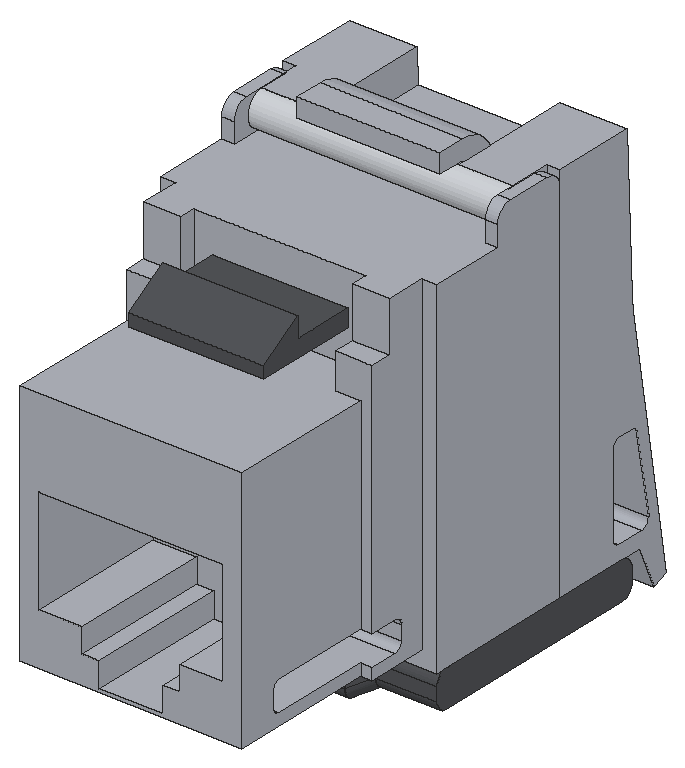
Revit family "RJ45 UTP_ENG", category Equipement spécialisé, Revit 2020
Family settings
  Cote de connecteur circulaire = Utiliser le diamètre
  Type d'élément = Normal
  Basée sur le plan de construction = Non
  Toujours verticalement = Oui
  Couper avec des vides une fois chargée = Non
  Partagée = Oui
  Point de calcul de pièce = Non
Parameters (values of type "Connecteur RJ45 Catégorie 6A UTP (lot de 24)")
  Vide = 2 mm
  Type de connecteur = "RJ45"
  Température de stockage = "-10_à_70"
  Température de fonctionnement = "-10_à_60"
  Section AWG = "23-26"
  Référence Legrand = "632906"
  Profondeur = 34 mm
  Lien e-catalogue = "https://www.legrand.fr/reference/632906/pro"
  Libellé BIM = "Connecteur RJ45 Catégorie 6A UTP (lot de 24)"
  Largeur (mm) = 18 mm
  IP = "IP20"
  IK = "IK04"
  Hauteur = 31 mm
  Fonction = "Prises murales RJ45"
  Elévation par défaut = 0 mm
  EAN = "3414972227230"
  Diamètre max du câble en entrée = "9MM"
  Couleur = IDS_ARGENT
  Classe ETIM = "EC001121"
  Catégorie = "6A"
  Blindé = no
Types (3, lengths in mm): name | Vide | Référence Legrand | Lien e-catalogue | Libellé BIM | EAN | Couleur | Catégorie
  Connecteur RJ45 Catégorie 6A UTP (lot de 24) | 2 | "632906" | "https://www.legrand.fr/reference/632906/pro" | "Connecteur RJ45 Catégorie 6A UTP (lot de 24)" | "3414972227230" | IDS_ARGENT | "6A"
  Connecteur RJ45 Catégorie 6 UTP (lot de 24) | 0 | "632909" | "https://www.legrand.fr/reference/632909/pro" | "Connecteur RJ45 Catégorie 6 UTP (lot de 24)" | "3414972227292" | IDS_GRIS | "6"
  Connecteur RJ45 Catégorie 5e UTP (lot de 24) | 0 | "632911" | "https://www.legrand.fr/reference/632911/pro" | "Connecteur RJ45 Catégorie 5e UTP (lot de 24)" | "3414972227339" | IDS_GRIS | "5e"
Reference planes
  plane 1 "Centre (avant/arrière)": y = 106
  plane 2: z = 0
  plane 3: x = 0
  plane 4: z = 16.075
  plane 5: x = 14.47
  plane 6: y = 115.65
  plane 7: x = 1.24
  plane 8: x = 13.23
  plane 9: z = 10.32
  plane 10: z = 3.44
  plane 11: z = 0.2
  plane 12: x = 5.16
  plane 13: x = 9.31
  plane 14: z = 1.86
  plane 15: x = 4.06
  plane 16: x = 10.41
  plane 17: y = 119.65
  plane 18: z = 21.675
  plane 19: z = -1
  plane 20: y = 117.05
  plane 21: z = 18.375
  plane 22: x = -0.765
  plane 23: x = 15.235
  plane 24: x = 7.235
  plane 25: z = 24
  plane 26: y = 129.65
  plane 27: y = 124.65
  plane 28: x = -1.765
  plane 29: x = 16.235
  plane 30: x = -0.94
  plane 31: x = 15.41
  plane 32: x = 7.235
  plane 33: z = 25.375
  plane 34: z = 24.125
  plane 35: y = 125.35
  plane 36: y = 126.85
  plane 37: z = 22.9
  plane 38: y = 131.35
  plane 39: y = 127.35
  plane 40: z = -4.8
  plane 41: y = 128.15
  plane 42: z = 22.875
  plane 43: y = 126.85
  plane 44: y = 135.45
  plane 45: z = 14
  plane 46: y = 138.3
  plane 47: z = -3.3
  plane 48: y = 137.3
  plane 49: z = -3.7
  plane 50: y = 123.65
  plane 51: z = 10.5
  plane 52: z = -3.44
  plane 53: y = 135.55
  plane 54: z = -3.44
  plane 55: y = 135.55
  plane 56: z = -4.8
  plane 57: y = 108.5
  plane 58: z = 18.2
  plane 59: z = 19.4
  plane 60: y = 114.05
  plane 61: y = 111.35
  plane 62: z = 20.7
  plane 63: y = 113.65
  plane 64: z = 19
  plane 65: y = 114.2
  plane 66: z = -1.5
  plane 67: y = 111.3
  plane 68: x = 1.635
  plane 69: x = 12.835
  plane 70: y = 134
  plane 71: z = 6.3
  plane 72: y = 135.85
  plane 73: y = 137
  plane 74: y = 134
  plane 75: z = 6.3
  plane 76: y = 135.85
  plane 77: y = 137
  plane 78: z = 21.4
  plane 79: z = 19.4
  plane 80: z = 23.4
Forms (mm)
  Extrusion 1, solid, material "IDS_ARGENT" <- "Couleur"
    sketch origin (0, 106, 0) x (1, 0, 0) y (0, 0, 1)
      loop
        line (0, 0) -> (14.47, 0) -> (14.47, 16.075) -> (0, 16.075) -> (0, 0)
    from 0 to -9.65
  Extrusion 2, void
    sketch origin (0, 106, 0) x (-1, 0, 0) y (0, 0, 1)
      loop
        line (-1.24, 3.44) -> (-1.24, 10.32) -> (-13.23, 10.32) -> (-13.23, 3.44) -> (-10.41, 3.44) -> (-10.41, 1.86) -> (-9.31, 1.86) -> (-9.31, 0.2) -> (-5.16, 0.2) -> (-5.16, 1.86) -> (-4.06, 1.86) -> (-4.06, 3.44) -> (-1.24, 3.44)
    from 0 to 9.3
  Extrusion 3, solid, material "IDS_ARGENT" <- "Couleur"
    sketch origin (-0.765, -1524, -4.284) x (0, 0, -1) y (0, -1, 0)
      loop
        line (-4.284, -1639.65) -> (-22.659, -1639.65) -> (-22.659, -1641.05) -> (-25.959, -1641.05) -> (-25.959, -1643.65) -> (-4.284, -1643.65) -> (-4.284, -1639.65)
    from 0 to -16
  Extrusion 4, void
    sketch origin (-27.014, 115.65, 1200) x (1, 0, 0) y (0, 0, 1)
      loop
        line (28.649, -1178.325) -> (28.649, -1183.925) -> (39.849, -1183.925) -> (39.849, -1178.325) -> (28.649, -1178.325)
    from 0 to -2.5
  Extrusion 5, solid, material "IDS_ARGENT" <- "Couleur"
    sketch origin (-1.765, -1524, -2.503) x (0, 0, -1) y (0, -1, 0)
      loop
        line (-1.503, -1653.65) -> (-1.503, -1643.65) -> (-24.178, -1643.65) -> (-24.178, -1648.65) -> (-25.503, -1648.65)
        arc (-25.503, -1648.65) -> (-26.21, -1648.943) -> (-26.503, -1649.65) r 1
        line (-26.503, -1649.65) -> (-26.503, -1652.65)
        arc (-26.503, -1652.65) -> (-26.21, -1653.357) -> (-25.503, -1653.65) r 1
        line (-25.503, -1653.65) -> (-1.503, -1653.65)
    from 0 to -18
  Extrusion 6, void
    sketch origin (0, 124.65, 27.667) x (0, 0, -1) y (-1, 0, 0)
      loop
        line (5.992, 0.94) -> (3.667, 0.94) -> (3.667, -15.41) -> (5.992, -15.41) -> (5.992, 0.94)
    from 0 to 5
  Extrusion 7, solid, material "IDS_ARGENT" <- "Couleur"
    sketch origin (7.235, -1524, 28.784) x (0, 0, 1) y (0, -1, 0)
      loop
        line (-7.109, -1650.85) -> (-7.109, -1653.65) -> (-5.809, -1653.65)
        arc (-5.809, -1653.65) -> (-4.112, -1652.947) -> (-3.409, -1651.25) r 2.4
        line (-3.409, -1651.25) -> (-3.409, -1649.35) -> (-4.659, -1649.35) -> (-4.659, -1650.85)
        arc (-4.659, -1650.85) -> (-5.884, -1652.075) -> (-7.109, -1650.85) r 1.225
    from -4.65 to 4.65
  Extrusion 8, solid, material "IDS_ARGENT" <- "Couleur"
    sketch origin (7.235, -1524, 28.784) x (0, 0, 1) y (0, -1, 0)
      loop
        line (-28.784, -1655.35) -> (-28.784, -1651.35) -> (-32.824, -1651.405)
        arc (-32.824, -1651.405) -> (-33.277, -1651.703) -> (-33.584, -1652.15) r 1.4
        line (-33.584, -1652.15) -> (-33.584, -1654.85)
        arc (-33.584, -1654.85) -> (-33.437, -1655.204) -> (-33.084, -1655.35) r 0.5
        line (-33.084, -1655.35) -> (-28.784, -1655.35)
    from -5 to 5
  Extrusion 9, solid
    sketch origin (7.235, -1524, 28.784) x (0, 0, 1) y (0, -1, 0)
      loop
        circle (-5.909, -1650.85) r 1.15
    from -8.175 to 8.175
  Extrusion 10, solid, material "IDS_ARGENT" <- "Couleur"
    sketch origin (7.235, -1524, 28.784) x (0, 0, 1) y (0, -1, 0)
      loop
        line (-29.784, -1653.65) -> (-29.784, -1660.22) -> (-32.484, -1661.3) -> (-32.084, -1662.3) -> (-15.732, -1659.665)
        arc (-15.732, -1659.665) -> (-15.261, -1659.579) -> (-14.784, -1659.541) r 4.871
        line (-14.784, -1659.541) -> (-4.759, -1659.1) -> (-4.759, -1650.85)
        arc (-4.759, -1650.85) -> (-5.909, -1649.7) -> (-7.059, -1650.85) r 1.15
        line (-7.059, -1650.85) -> (-7.059, -1653.65) -> (-29.784, -1653.65)
    from -9 to 9
  Extrusion 11, void
    sketch origin (-1.765, -1524, -2.503) x (0, 0, 1) y (0, -1, 0)
      loop
        line (24.228, -1653.65) -> (26.528, -1653.65) -> (26.528, -1650.85)
        arc (26.528, -1650.85) -> (25.378, -1649.7) -> (24.228, -1650.85) r 1.15
        line (24.228, -1650.85) -> (24.228, -1653.65)
    from 0.825 to 0
  Extrusion 12, void
    sketch origin (16.235, -1524, 29.162) x (0, 0, -1) y (0, -1, 0)
      loop
        line (5.137, -1650.85) -> (5.137, -1653.65) -> (7.437, -1653.65) -> (7.437, -1650.85)
        arc (7.437, -1650.85) -> (6.287, -1649.7) -> (5.137, -1650.85) r 1.15
    from 0 to 0.825
  Extrusion 13, void
    sketch origin (7.235, -1524, 28.784) x (0, 0, -1) y (0, -1, 0)
      loop
        line (4.759, -1650.85) -> (4.759, -1659.1) -> (7.059, -1659.201) -> (7.059, -1650.85)
        arc (7.059, -1650.85) -> (5.909, -1652) -> (4.759, -1650.85) r 1.15
    from -4.65 to 4.65
  Extrusion 14, void
    sketch origin (0, 123.65, 24.886) x (0, 0, -1) y (-1, 0, 0)
      loop
        circle (14.386, -7.235) r 4.9
    from 0 to 26.097
  Extrusion 15, solid, material "IDS_ARGENT" <- "Couleur"
    sketch origin (7.235, -1524, 28.784) x (0, 0, 1) y (0, -1, 0)
      loop
        line (-29.784, -1655.35) -> (-33.384, -1655.35) -> (-34.205, -1660.007)
        arc (-34.205, -1660.007) -> (-33.951, -1660.533) -> (-33.371, -1660.46) r 0.5
        line (-33.371, -1660.46) -> (-29.784, -1657.114) -> (-29.784, -1655.35)
    from -5 to 5
  Extrusion 16, solid, material "IDS_NOIR"
    sketch origin (2.235, -1524, 28.784) x (0, 0, -1) y (0, -1, 0)
      loop
        line (32.224, -1658.75) -> (32.224, -1644.45)
        arc (32.224, -1644.45) -> (31.989, -1643.884) -> (31.424, -1643.65) r 0.8
        line (31.424, -1643.65) -> (30.584, -1643.65)
        arc (30.584, -1643.65) -> (30.018, -1643.884) -> (29.784, -1644.45) r 0.8
        line (29.784, -1644.45) -> (29.784, -1658.75)
        arc (29.784, -1658.75) -> (30.018, -1659.316) -> (30.584, -1659.55) r 0.8
        line (30.584, -1659.55) -> (31.424, -1659.55)
        arc (31.424, -1659.55) -> (31.989, -1659.316) -> (32.224, -1658.75) r 0.8
    from 0 to 4
  Extrusion 17, solid, material "IDS_NOIR"
    sketch origin (12.235, -1524, 28.784) x (0, 0, -1) y (0, 1, 0)
      loop
        arc (32.224, 1658.75) -> (31.989, 1659.316) -> (31.424, 1659.55) r 0.8
        line (31.424, 1659.55) -> (30.584, 1659.55)
        arc (30.584, 1659.55) -> (30.018, 1659.316) -> (29.784, 1658.75) r 0.8
        line (29.784, 1658.75) -> (29.784, 1644.45)
        arc (29.784, 1644.45) -> (30.018, 1643.884) -> (30.584, 1643.65) r 0.8
        line (30.584, 1643.65) -> (31.424, 1643.65)
        arc (31.424, 1643.65) -> (31.989, 1643.884) -> (32.224, 1644.45) r 0.8
        line (32.224, 1644.45) -> (32.224, 1658.75)
    from 0 to 4
  Extrusion 18, solid, material "IDS_NOIR"
    sketch origin (7.235, -1524, 28.784) x (0, 0, 1) y (0, -1, 0)
      loop
        line (-29.784, -1658.75) -> (-29.784, -1657.95)
        arc (-29.784, -1657.95) -> (-30.018, -1657.384) -> (-30.584, -1657.15) r 0.8
        line (-30.584, -1657.15) -> (-31.424, -1657.15)
        arc (-31.424, -1657.15) -> (-31.989, -1657.384) -> (-32.224, -1657.95) r 0.8
        line (-32.224, -1657.95) -> (-32.224, -1658.75)
        arc (-32.224, -1658.75) -> (-31.989, -1659.316) -> (-31.424, -1659.55) r 0.8
        line (-31.424, -1659.55) -> (-30.584, -1659.55)
        arc (-30.584, -1659.55) -> (-30.018, -1659.316) -> (-29.784, -1658.75) r 0.8
    from -5 to 5
  Extrusion 19, solid, material "IDS_NOIR"
    sketch origin (7.235, -1524, 28.784) x (0, 0, 1) y (0, -1, 0)
      loop
        arc (-31.034, -1644.45) -> (-31.268, -1643.884) -> (-31.834, -1643.65) r 0.8
        line (-31.834, -1643.65) -> (-32.784, -1643.65)
        arc (-32.784, -1643.65) -> (-33.349, -1643.884) -> (-33.584, -1644.45) r 0.8
        line (-33.584, -1644.45) -> (-33.584, -1650.55)
        arc (-33.584, -1650.55) -> (-33.349, -1651.116) -> (-32.784, -1651.35) r 0.8
        line (-32.784, -1651.35) -> (-31.834, -1651.35)
        arc (-31.834, -1651.35) -> (-31.268, -1651.116) -> (-31.034, -1650.55) r 0.8
        line (-31.034, -1650.55) -> (-31.034, -1644.45)
    from -3 to 3
  SweptBlend 20, solid, material "IDS_NOIR"
    path origin (7.235, 119.65, -4) x (0, 0, 1) y (-1, 0, 0)
      loop
        line (0.95, 3) -> (0.95, 5)
    profile origin (4.235, 119.65, -3.05) x (0, 0, -1) y (0, -1, 0)
      loop
        line (-0.8, -0.8) -> (-0.8, -6.9)
        arc (-0.8, -6.9) -> (-0.566, -7.466) -> (0, -7.7) r 0.8
        line (0, -7.7) -> (0.95, -7.7)
        arc (0.95, -7.7) -> (1.516, -7.466) -> (1.75, -6.9) r 0.8
        line (1.75, -6.9) -> (1.75, -0.8)
        arc (1.75, -0.8) -> (1.516, -0.234) -> (0.95, 0) r 0.8
        line (0.95, 0) -> (0, 0)
        arc (0, 0) -> (-0.566, -0.234) -> (-0.8, -0.8) r 0.8
    end profile origin (2.235, 119.65, -3.05) x (0, 0, -1) y (0, -1, 0)
      loop
        line (-0.41, 0) -> (-1.25, 0)
        arc (-1.25, 0) -> (-1.816, -0.234) -> (-2.05, -0.8) r 0.8
        line (-2.05, -0.8) -> (-2.05, -6.9)
        arc (-2.05, -6.9) -> (-1.816, -7.466) -> (-1.25, -7.7) r 0.8
        line (-1.25, -7.7) -> (-0.41, -7.7)
        arc (-0.41, -7.7) -> (0.156, -7.466) -> (0.39, -6.9) r 0.8
        line (0.39, -6.9) -> (0.39, -0.8)
        arc (0.39, -0.8) -> (0.156, -0.234) -> (-0.41, 0) r 0.8
  SweptBlend 21, solid, material "IDS_NOIR"
    path origin (7.235, 119.65, -4) x (0, 0, 1) y (-1, 0, 0)
      loop
        line (0.886, -3) -> (0.886, -5)
    profile origin (10.235, 119.65, -3.114) x (0, 0, 1) y (0, -1, 0)
      loop
        line (-1.686, -0.8) -> (-1.686, -6.9)
        arc (-1.686, -6.9) -> (-1.452, -7.466) -> (-0.886, -7.7) r 0.8
        line (-0.886, -7.7) -> (0.064, -7.7)
        arc (0.064, -7.7) -> (0.629, -7.466) -> (0.864, -6.9) r 0.8
        line (0.864, -6.9) -> (0.864, -0.8)
        arc (0.864, -0.8) -> (0.629, -0.234) -> (0.064, 0) r 0.8
        line (0.064, 0) -> (-0.886, 0)
        arc (-0.886, 0) -> (-1.452, -0.234) -> (-1.686, -0.8) r 0.8
    end profile origin (12.235, 119.65, -3.114) x (0, 0, 1) y (0, -1, 0)
      loop
        arc (0.474, 0) -> (-0.092, -0.234) -> (-0.326, -0.8) r 0.8
        line (-0.326, -0.8) -> (-0.326, -6.9)
        arc (-0.326, -6.9) -> (-0.092, -7.466) -> (0.474, -7.7) r 0.8
        line (0.474, -7.7) -> (1.314, -7.7)
        arc (1.314, -7.7) -> (1.879, -7.466) -> (2.114, -6.9) r 0.8
        line (2.114, -6.9) -> (2.114, -0.8)
        arc (2.114, -0.8) -> (1.879, -0.234) -> (1.314, 0) r 0.8
        line (1.314, 0) -> (0.474, 0)
  Extrusion 22, void
    sketch origin (14.47, 106, 0) x (0, 0, -1) y (0, -1, 0)
      loop
        arc (-0.75, -3.03) -> (-0.896, -2.676) -> (-1.25, -2.53) r 0.5
        line (-1.25, -2.53) -> (-2.225, -2.53)
        arc (-2.225, -2.53) -> (-2.579, -2.676) -> (-2.725, -3.03) r 0.5
        line (-2.725, -3.03) -> (-2.725, -11.53)
        arc (-2.725, -11.53) -> (-2.579, -11.884) -> (-2.225, -12.03) r 0.5
        line (-2.225, -12.03) -> (-1.25, -12.03)
        arc (-1.25, -12.03) -> (-0.896, -11.884) -> (-0.75, -11.53) r 0.5
        line (-0.75, -11.53) -> (-0.75, -3.03)
    from -0.765 to 2.76
  Extrusion 23, void
    sketch origin (0, 106, 0) x (0, 0, -1) y (0, 1, 0)
      loop
        line (-0.75, 3) -> (-0.75, 11.5)
        arc (-0.75, 11.5) -> (-0.896, 11.854) -> (-1.25, 12) r 0.5
        line (-1.25, 12) -> (-2.225, 12)
        arc (-2.225, 12) -> (-2.579, 11.854) -> (-2.725, 11.5) r 0.5
        line (-2.725, 11.5) -> (-2.725, 3)
        arc (-2.725, 3) -> (-2.579, 2.646) -> (-2.225, 2.5) r 0.5
        line (-2.225, 2.5) -> (-1.25, 2.5)
        arc (-1.25, 2.5) -> (-0.896, 2.646) -> (-0.75, 3) r 0.5
    from -0.765 to 2.76
  Extrusion 24, solid, material "IDS_NOIR"
    sketch origin (7.235, -1524, 28.784) x (0, 0, 1) y (0, -1, 0)
      loop
        line (-10.584, -1642.15) -> (-9.384, -1642.15) -> (-9.384, -1638.05) -> (-8.084, -1638.05) -> (-9.784, -1635.35) -> (-10.584, -1635.35) -> (-10.584, -1642.15)
    from -4.4 to 4.4
  Extrusion 25, solid, material "IDS_ARGENT" <- "Couleur"
    sketch origin (7.235, -1524, 28.784) x (0, 0, 1) y (0, -1, 0)
      loop
        line (-28.784, -1638.2) -> (-28.784, -1635.3) -> (-30.284, -1638.2) -> (-28.784, -1638.2)
    from -5.25 to 5.25
  Extrusion 26, void
    sketch origin (-1.765, -1524, 28.784) x (0, 0, 1) y (0, -1, 0)
      loop
        line (-28.194, -1660.892) -> (-22.484, -1659.85) -> (-22.484, -1658.5)
        arc (-22.484, -1658.5) -> (-22.63, -1658.146) -> (-22.984, -1658) r 0.5
        line (-22.984, -1658) -> (-28.284, -1658)
        arc (-28.284, -1658) -> (-28.637, -1658.146) -> (-28.784, -1658.5) r 0.5
        line (-28.784, -1658.5) -> (-28.784, -1660.4)
        arc (-28.784, -1660.4) -> (-28.604, -1660.784) -> (-28.194, -1660.892) r 0.5
    from 0 to 6
  Extrusion 27, void
    sketch origin (16.235, -1524, 28.784) x (0, 0, 1) y (0, 1, 0)
      loop
        arc (-28.194, 1660.892) -> (-28.604, 1660.784) -> (-28.784, 1660.4) r 0.5
        line (-28.784, 1660.4) -> (-28.784, 1658.5)
        arc (-28.784, 1658.5) -> (-28.637, 1658.146) -> (-28.284, 1658) r 0.5
        line (-28.284, 1658) -> (-22.984, 1658)
        arc (-22.984, 1658) -> (-22.63, 1658.146) -> (-22.484, 1658.5) r 0.5
        line (-22.484, 1658.5) -> (-22.484, 1659.85) -> (-28.194, 1660.892)
    from 0 to 6
  Extrusion 28, void
    sketch origin (7.235, -1524, 28.784) x (0, 0, -1) y (0, -1, 0)
      loop
        line (7.384, -1638.05) -> (7.384, -1635.35) -> (5.384, -1635.35) -> (5.384, -1638.05) -> (7.384, -1638.05)
    from -1.65 to 1.65
Cuts and joins
  Extrusion 2, Extrusion 4, Extrusion 14, Extrusion 22, Extrusion 23 cuts Extrusion 1
  Extrusion 4, Extrusion 14, Extrusion 22, Extrusion 23 cuts Extrusion 3
  Extrusion 6, Extrusion 22, Extrusion 23 cuts Extrusion 5
  joined: Extrusion 1, Extrusion 3, Extrusion 5, Extrusion 25
  Extrusion 11, Extrusion 13 cuts Extrusion 9
  Extrusion 11, Extrusion 12, Extrusion 13, Extrusion 14, Extrusion 26, Extrusion 27 cuts Extrusion 10
  joined: Extrusion 16, Extrusion 17, Extrusion 18, Extrusion 19
  joined: SweptBlend 20, SweptBlend 21
  Extrusion 28 cuts Extrusion 24
Dimensions and locks
  locked: plane 4 to level at 16.075
  locked: plane 5 to plane 3 at 14.47
  locked: plane 1 "Centre (avant/arrière)" to plane 6 at 9.65
  plane 7 to plane 3 = 1.24 mm
  plane 5 to plane 8 = 1.24 mm
  plane 11 to level = 0.2 mm
  plane 15 to plane 7 = 2.82 mm
  plane 8 to plane 16 = 2.82 mm
  plane 12 to plane 15 = 1.1 mm
  plane 16 to plane 13 = 1.1 mm
  plane 14 to plane 11 = 1.66 mm
  plane 10 to plane 14 = 1.58 mm
  plane 9 to plane 10 = 6.88 mm
  plane 17 to plane 6 = 4 mm
  locked: plane 18 to plane 4 at 5.6
  plane 21 to plane 4 = 2.3 mm
  plane 20 to plane 6 = 1.4 mm
  locked: plane 22 to plane 3 at 0.765
  locked: plane 5 to plane 23 at 0.765
  equal spacing: plane 22, plane 24, plane 23
  locked: level to plane 19 at 1
  plane 26 to plane 17 = 10 mm
  plane 26 to plane 27 = 5 mm
  locked: plane 28 to plane 22 at 1
  locked: plane 29 to plane 23 at 1
  plane 28 to plane 30 = 0.825 mm
  plane 29 to plane 31 = 0.825 mm
  plane 25 to plane 18 = 2.325 mm
  equal spacing: plane 28, plane 32, plane 29, locked at 9 each
  plane 33 to plane 18 = 3.7 mm
  plane 33 to plane 34 = 1.25 mm
  plane 26 to plane 35 = 4.3 mm
  plane 36 to plane 35 = 1.5 mm
  equal spacing: plane 34, plane 37, cut or joined group 1 (Extrusion 1, Extrusion 2, Extrusion 3, Extrusion 4, Extrusion 5, Extrusion 6, Extrusion 14, Extrusion 22, Extrusion 23, Extrusion 25)
  locked: plane 38 to cut or joined group 1 at 1.7
  plane 38 to plane 39 = 4 mm
  plane 38 to plane 41 = 3.2 mm
  plane 42 to plane 18 = 1.2 mm
  Extrusion 10 sketch curve to cut or joined group 1 = 5.45 mm
  plane 19 to plane 45 = 15 mm
  plane 44 to cut or joined group 1 = 5.8 mm
  cut or joined group 1 to plane 46 = 8.65 mm
  plane 19 to plane 47 = 2.3 mm
  plane 19 to plane 49 = 2.7 mm
  plane 26 to plane 50 = 6 mm
  plane 51 to plane 25 = 13.5 mm
  plane 19 to Extrusion 15 sketch curve = 3.6 mm
  plane 19 to plane 40 = 3.8 mm
  plane 52 to cut or joined group of Extrusion 10, Extrusion 11, Extrusion 12, Extrusion 13, Extrusion 14, Extrusion 26, Extrusion 27 = 2.44 mm
  plane 53 to plane 17 = 15.9 mm
  plane 19 to Extrusion 19 sketch curve = 1.25 mm
  cut or joined group 1 to Extrusion 22 sketch curve = 0.75 mm
  Extrusion 22 sketch curve to Extrusion 22 sketch curve = 1.975 mm
  Extrusion 22 sketch curve to cut or joined group 1 = 2.53 mm
  Extrusion 22 sketch curve to Extrusion 22 sketch curve = 9.5 mm
  Extrusion 23 sketch curve to Extrusion 23 sketch curve = 1.975 mm
  Extrusion 23 sketch curve to Extrusion 23 sketch curve = 9.5 mm
  plane 57 to plane 1 "Centre (avant/arrière)" = 2.5 mm
  plane 26 to plane 43 = 2.8 mm
  plane 58 to level = 18.2 mm
  plane 59 to plane 58 = 1.2 mm
  cut or joined group 1 to plane 61 = 5.7 mm
  cut or joined group 1 to plane 60 = 3 mm
  plane 62 to plane 59 = 1.3 mm
  plane 64 to plane 58 = 0.8 mm
  plane 65 to plane 1 "Centre (avant/arrière)" = 8.2 mm
  plane 68 to plane 24 = 5.6 mm
  plane 69 to plane 24 = 5.6 mm
  plane 70 to plane 1 "Centre (avant/arrière)" = 28 mm
  plane 71 to level = 6.3 mm
  plane 72 to plane 70 = 1.85 mm
  plane 73 to plane 70 = 3 mm
  plane 74 to plane 76 = 1.85 mm
  plane 74 to plane 77 = 3 mm
  "Vide": plane 78 to plane 79
  locked: plane 80 to plane 78 at 2
  radius of Extrusion 9 sketch curve = 1.15 mm
  angle Extrusion 15 sketch curve to Extrusion 15 sketch curve = 100.00°
  angle Extrusion 15 sketch curve to Extrusion 15 sketch curve = 37.00°
  aligned and locked: level to plane 2
  aligned and locked: plane 2 to Extrusion 1 sketch curve
  aligned and locked: plane 3 to Extrusion 1 sketch curve
  aligned and locked: Extrusion 1 sketch curve to plane 4
  aligned and locked: plane 5 to Extrusion 1 sketch curve
  aligned and locked: plane 6 to Extrusion 1
  aligned and locked: Extrusion 2 sketch curve to plane 7
  aligned and locked: plane 9 to Extrusion 2 sketch curve
  aligned and locked: plane 8 to Extrusion 2 sketch curve
  aligned and locked: Extrusion 2 sketch curve to plane 10  (x2)
  aligned and locked: plane 16 to Extrusion 2 sketch curve
  aligned and locked: Extrusion 2 sketch curve to plane 14  (x2)
  aligned and locked: plane 13 to Extrusion 2 sketch curve
  aligned and locked: Extrusion 2 sketch curve to plane 11
  aligned and locked: plane 12 to Extrusion 2 sketch curve
  aligned and locked: Extrusion 2 sketch curve to plane 15
  aligned and locked: Extrusion 3 sketch curve to plane 17
  aligned and locked: plane 18 to Extrusion 3 sketch curve
  aligned and locked: Extrusion 3 sketch curve to plane 20
  aligned and locked: plane 21 to Extrusion 3 sketch curve
  aligned and locked: Extrusion 3 sketch curve to plane 6
  aligned and locked: plane 23 to Extrusion 3
  aligned and locked: Extrusion 5 sketch curve to plane 26
  aligned and locked: plane 25 to Extrusion 5 sketch curve
  aligned and locked: plane 27 to Extrusion 5 sketch curve
  aligned and locked: Extrusion 5 sketch curve to plane 18
  aligned and locked: Extrusion 5 sketch curve to Extrusion 3
  aligned and locked: Extrusion 5 sketch curve to plane 19
  aligned and locked: plane 29 to Extrusion 5
  aligned and locked: plane 18 to Extrusion 6 sketch curve
  aligned and locked: plane 30 to Extrusion 6 sketch curve
  aligned and locked: Extrusion 6 sketch curve to plane 25
  aligned and locked: Extrusion 6 sketch curve to plane 31
  aligned and locked: Extrusion 6 to plane 26
  aligned and locked: Extrusion 7 sketch curve to cut or joined group 1
  aligned and locked: cut or joined group 1 to Extrusion 7 sketch curve
  aligned and locked: plane 33 to Extrusion 7 sketch curve
  aligned and locked: Extrusion 7 sketch curve to plane 35
  aligned and locked: plane 34 to Extrusion 7 sketch curve
  aligned and locked: plane 38 to Extrusion 8 sketch curve
  aligned and locked: plane 41 to Extrusion 8 sketch curve
  aligned and locked: plane 40 to Extrusion 8 sketch curve
  aligned and locked: Extrusion 8 sketch curve to level
  aligned and locked: Extrusion 9 to cut or joined group 1
  aligned and locked: cut or joined group 1 to Extrusion 9
  aligned and locked: Extrusion 10 sketch curve to plane 26
  aligned and locked: Extrusion 10 sketch curve to Extrusion 9
  aligned and locked: plane 47 to Extrusion 10 sketch curve
  aligned and locked: cut or joined group 1 to Extrusion 10 sketch curve
  aligned and locked: plane 48 to Extrusion 10 sketch curve
  aligned and locked: plane 29 to Extrusion 10
  aligned and locked: plane 28 to Extrusion 10
  aligned and locked: Extrusion 11 sketch curve to Extrusion 10  (x2)
  aligned and locked: Extrusion 11 sketch curve to Extrusion 7
  aligned and locked: Extrusion 11 to cut or joined group 1
  aligned and locked: Extrusion 12 to cut or joined group 1
  aligned and locked: Extrusion 13 sketch curve to cut or joined group of Extrusion 9, Extrusion 11, Extrusion 13
  aligned and locked: Extrusion 13 to Extrusion 7
  aligned and locked: Extrusion 7 to Extrusion 13
  aligned and locked: plane 38 to Extrusion 15 sketch curve
  aligned and locked: plane 19 to Extrusion 15 sketch curve
  aligned and locked: plane 52 to Extrusion 16 sketch curve
  aligned and locked: Extrusion 16 sketch curve to plane 53
  aligned and locked: cut or joined group 1 to Extrusion 16 sketch curve
  aligned and locked: Extrusion 16 sketch curve to cut or joined group 1
  aligned and locked: Extrusion 8 to Extrusion 15
  aligned and locked: Extrusion 15 to Extrusion 8
  aligned and locked: plane 28 to Extrusion 16
  aligned and locked: plane 54 to Extrusion 17 sketch curve
  aligned and locked: plane 55 to Extrusion 17 sketch curve
  aligned and locked: plane 29 to Extrusion 17
  aligned and locked: Extrusion 17 to Extrusion 8
  aligned and locked: Extrusion 18 sketch curve to Extrusion 16
  aligned and locked: Extrusion 16 to Extrusion 18 sketch curve
  aligned and locked: plane 19 to Extrusion 18 sketch curve
  aligned and locked: Extrusion 8 to Extrusion 18  (x2)
  aligned and locked: plane 56 to Extrusion 8
  aligned and locked: plane 56 to Extrusion 19 sketch curve
  aligned and locked: SweptBlend 20 sketch curve to Extrusion 19  (x4)
  aligned and locked: SweptBlend 20 sketch curve to Extrusion 16  (x2)
  aligned and locked: SweptBlend 21 sketch curve to Extrusion 19  (x4)
  aligned and locked: SweptBlend 21 sketch curve to Extrusion 17  (x2)
  aligned and locked: Extrusion 3 to Extrusion 23
  aligned and locked: Extrusion 22 to Extrusion 3
  aligned and locked: plane 57 to Extrusion 23 sketch curve
  aligned and locked: cut or joined group 1 to Extrusion 24 sketch curve
  aligned and locked: plane 59 to Extrusion 24 sketch curve
  aligned and locked: plane 60 to Extrusion 24 sketch curve
  aligned and locked: plane 58 to Extrusion 24 sketch curve
  aligned and locked: plane 64 to Extrusion 24 sketch curve
  aligned and locked: Extrusion 24 sketch curve to plane 61
  aligned and locked: plane 65 to Extrusion 25 sketch curve
  aligned and locked: Extrusion 25 sketch curve to level
  aligned and locked: Extrusion 4 sketch curve to plane 68
  aligned and locked: plane 4 to Extrusion 4 sketch curve
  aligned and locked: Extrusion 4 sketch curve to plane 69
  aligned and locked: Extrusion 4 sketch curve to plane 18
  aligned and locked: Extrusion 26 sketch curve to plane 71
  aligned and locked: Extrusion 26 sketch curve to plane 70
  aligned and locked: level to Extrusion 26 sketch curve
  aligned and locked: Extrusion 13 sketch curve to cut or joined group of Extrusion 10, Extrusion 11, Extrusion 12, Extrusion 13, Extrusion 14, Extrusion 26, Extrusion 27
  aligned and locked: Extrusion 27 sketch curve to plane 75
  aligned and locked: plane 74 to Extrusion 27 sketch curve
  aligned and locked: cut or joined group of Extrusion 24, Extrusion 28 to Extrusion 28 sketch curve
  aligned and locked: plane 79 to cut or joined group of Extrusion 24, Extrusion 28
  aligned and locked: plane 80 to Extrusion 28 sketch curve
  aligned and locked: Extrusion 28 sketch curve to plane 78
Automatic sketch dimensions
  Extrusion 3 sketch curve to level = 0 mm
  Extrusion 5 sketch curve to plane 25 = 1 mm  (x2)
  Extrusion 7 sketch curve to plane 36 = 0 mm  (x2)
  plane 37 to Extrusion 7 sketch curve = 0.075 mm
  Extrusion 8 sketch curve to plane 39 = 0 mm
  Extrusion 8 sketch curve to Extrusion 8 sketch curve = 0.5 mm
  Extrusion 8 sketch curve to plane 39 = 0.055 mm
  plane 40 to Extrusion 8 sketch curve = 0.759 mm
  Extrusion 8 sketch curve to plane 41 = 0.553 mm
  Extrusion 9 sketch curve to plane 42 = 0 mm
  Extrusion 9 sketch curve to plane 43 = 0 mm
  Extrusion 12 sketch curve to plane 26 = 0 mm
  plane 25 to Extrusion 12 sketch curve = 0.025 mm
  Extrusion 12 sketch curve to plane 25 = 1.125 mm
  Extrusion 12 sketch curve to plane 27 = 2.2 mm
  plane 25 to Extrusion 13 sketch curve = 0.025 mm
  plane 18 to Extrusion 13 sketch curve = 0.05 mm
  Extrusion 13 sketch curve to Extrusion 13 sketch curve = 0 mm  (x2)
  Extrusion 14 sketch curve to plane 32 = 0 mm
  Extrusion 14 sketch curve to plane 51 = 0 mm
  Extrusion 15 sketch curve to plane 19 = 3.929 mm
  Extrusion 15 sketch curve to Extrusion 15 sketch curve = 0.492 mm
  Extrusion 15 sketch curve to Extrusion 15 sketch curve = 0.341 mm
  Extrusion 15 sketch curve to Extrusion 15 sketch curve = 0.087 mm
  Extrusion 16 sketch curve to Extrusion 16 sketch curve = 0.8 mm  (x2)
  Extrusion 16 sketch curve to Extrusion 16 sketch curve = 0.84 mm  (x2)
  Extrusion 17 sketch curve to plane 19 = 0 mm
  Extrusion 17 sketch curve to plane 17 = 0 mm
  Extrusion 17 sketch curve to plane 19 = 0.8 mm
  Extrusion 17 sketch curve to Extrusion 17 sketch curve = 0.8 mm
  plane 54 to Extrusion 17 sketch curve = 0.8 mm  (x2)
  Extrusion 18 sketch curve to Extrusion 18 sketch curve = 0.8 mm  (x3)
  Extrusion 18 sketch curve to plane 19 = 0.8 mm
  Extrusion 18 sketch curve to Extrusion 18 sketch curve = 0 mm
  Extrusion 19 sketch curve to plane 17 = 0 mm
  plane 56 to Extrusion 19 sketch curve = 0.8 mm  (x2)
  Extrusion 19 sketch curve to Extrusion 19 sketch curve = 0.95 mm  (x2)
  Extrusion 19 sketch curve to plane 27 = 1.9 mm
  SweptBlend 20 sketch curve to Extrusion 19 = 0 mm  (x2)
  SweptBlend 20 sketch curve to Extrusion 19 = 2 mm
  SweptBlend 20 sketch curve to SweptBlend 20 sketch curve = 0.8 mm
  profile plane to SweptBlend 20 sketch curve = 0.41 mm
  SweptBlend 20 sketch curve to SweptBlend 20 sketch curve = 6.1 mm
  Extrusion 19 to SweptBlend 21 sketch curve = 0 mm
  Extrusion 19 to SweptBlend 21 sketch curve = 0.064 mm
  SweptBlend 21 sketch curve to Extrusion 19 = 2 mm
  SweptBlend 21 sketch curve to profile plane = 0.474 mm
  SweptBlend 21 sketch curve to SweptBlend 21 sketch curve = 0.84 mm
  SweptBlend 21 sketch curve to SweptBlend 21 sketch curve = 6.1 mm
  Extrusion 22 sketch curve to Extrusion 22 sketch curve = 0.5 mm  (x4)
  Extrusion 23 sketch curve to plane 57 = 0.5 mm
  level to Extrusion 23 sketch curve = 2.725 mm
  Extrusion 23 sketch curve to Extrusion 23 sketch curve = 0.5 mm  (x3)
  Extrusion 24 sketch curve to plane 62 = 0 mm
  Extrusion 25 sketch curve to plane 66 = 0 mm
  Extrusion 25 sketch curve to plane 67 = 0 mm
  Extrusion 26 sketch curve to Extrusion 26 sketch curve = 0.5 mm  (x3)
  Extrusion 26 sketch curve to Extrusion 26 sketch curve = 0.09 mm
  Extrusion 26 sketch curve to Extrusion 26 sketch curve = 1.35 mm
  Extrusion 26 sketch curve to Extrusion 26 sketch curve = 1.9 mm
  Extrusion 27 sketch curve to level = 0 mm
  Extrusion 27 sketch curve to plane 76 = 0 mm
  level to Extrusion 27 sketch curve = 0.5 mm  (x2)
  Extrusion 27 sketch curve to plane 77 = 0.108 mm
  Extrusion 27 sketch curve to Extrusion 27 sketch curve = 0.09 mm
  Extrusion 27 sketch curve to plane 74 = 0.5 mm
  Extrusion 10 sketch curve to plane 49 = 0 mm
  Extrusion 10 sketch curve to plane 45 = 0 mm
  Extrusion 10 sketch curve to plane 46 = 0 mm
  Extrusion 10 sketch curve to plane 44 = 0.215 mm
  Extrusion 10 sketch curve to plane 45 = 0.948 mm
  plane 45 to Extrusion 10 sketch curve = 0.156 mm
  plane 46 to Extrusion 10 sketch curve = 2.109 mm
  Extrusion 28 sketch curve to plane 6 = 1.6 mm
  radius of Extrusion 14 sketch curve = 4.9 mm
